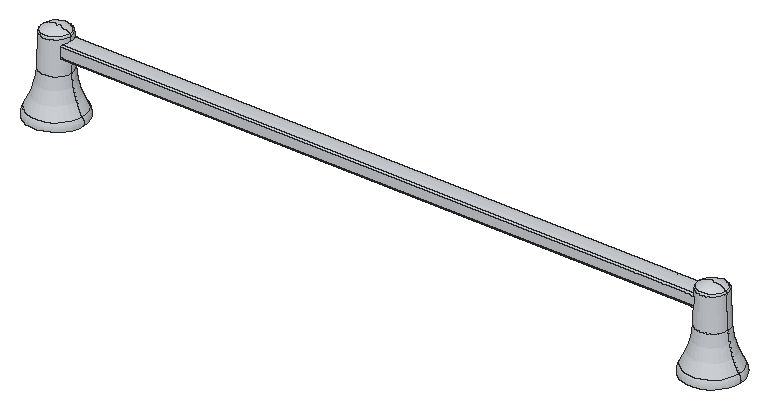
Revit family "Accessory-Towel_Bar-KOHLER-Tempered-K-21953_1", category Specialty Equipment, host Face, Revit 2022
Family settings
  Host = Face
  Round Connector Dimension = Use Diameter
  Part Type = Normal
  OmniClass Number = 23.31.25.25
  OmniClass Title = Towel Bars
  Cut with Voids When Loaded = No
  Maintain Annotation Orientation = No
  Shared = No
  Room Calculation Point = No
Parameters (values of type "CP-Polished Chrome")
  Width = 24 1/64"  # constant formula
  WaterSense Certified = 1 = 0  # no
  URL = "https://www.us.kohler.com/us/"
  Type = 4
  Product Page URL = "http://www.us.kohler.com/us/catalog/productDetails.jsp?productId=21953"
  Product Name = "Tempered"  # constant formula
  Product Documentation Link = "https://www.us.kohler.com/webassets/kpna/catalog/pdf/en/K-21953_spec_US-CA_Kohler_en.pdf"
  Model = if(Type = 1, "K-21953-2MB", if(Type = 2, "K-21953-BL", if(Type = 3, "K-21953-BN", if(Type = 4, "K-21953-CP", if(Type = 5, "K-21953-SN", "NA")))))  # "K-21953-CP"
  Material = "Premium Metal Construction"  # constant formula
  Master Format 2014 Name = "Toilet, Bath, and Laundry Accessories"  # constant formula
  Master Format 2014 = "10 28 00"  # constant formula
  Manufacturer Address = "444 Highland Dr, Kohler, WI 53044"  # constant formula
  Manufacturer = "Kohler Co."  # constant formula
  Length = 2 127/128"  # constant formula
  Height = 2 3/64"  # constant formula
  Finish = Kohler-Metal-CP-Polished_Chrome
  Environmental Product Declaration = ""
  Description = "24 Inch towel bar"  # constant formula
  Default Elevation = 42"
  Declare Label = ""
  Date Modified = "04/01/2022"  # constant formula
  Date Created = "04/01/2022"  # constant formula
  Copyright = "Copyright Kohler Co."  # constant formula
  Contact Us = "https://www.us.kohler.com/us/static/contact.jsp"
  Assembly Code = "C1030200"
  ADA Compliant = 1 = 0  # no
Types (6): name | Type | Model | Finish
  (no name) | 4 | "K-21953-CP" | Kohler-Metal-CP-Polished_Chrome
  CP-Polished Chrome | 4 | "K-21953-CP" | Kohler-Metal-CP-Polished_Chrome
  SN-Vibrant Polished Nickel | 5 | "K-21953-SN" | Kohler-Metal-SN-Vibrant_Polished_Nickel
  BN-Vibrant Brushed Nickel | 3 | "K-21953-BN" | Kohler-Metal-BN-Vibrant_Brushed_Nickel
  BL-Matte Black | 2 | "K-21953-BL" | Kohler-Metal-BL-Matte_Black
  2MB-Vibrant Brushed Moderne Brass | 1 | "K-21953-2MB" | Kohler-Metal-2MB-Vibrant_Brushed_Moderne_Brass
Reference planes (in)
  plane 1 "Center (Front/Back)": y = 0
  plane 2: z = 0
  plane 3 "Center (Left/Right)": x = 0
  plane 4: x = -12.00787
  plane 5: x = -13.0315
  plane 6: x = -10.98425
  plane 7: y = -1.02362
  plane 8: y = 1.02325
  plane 9: x = 12.00775
  plane 10: x = 13.0315
  plane 11: x = 10.98425
  plane 12: z = 2.99219
  plane 13: y = 0.34809
  plane 14: y = -0.34809
  plane 15: z = 2.59532
  plane 16: z = 2.04092
Dimensions and locks (in)
  "Width": plane 4 to plane 9
  "Height": plane 7 to plane 8
  plane 5 to plane 10 = 26.06299"
  "Length": plane 12 to level
  aligned and locked: plane 2 to host face
  aligned and locked: level to host face
Automatic sketch dimensions
  host sketch curve to host sketch curve = 96"  (x2)
Nested families (in)
  nested 1: "K-21953" at (0, 0, 0), type "K-21953"
Definition of nested family "K-21953"
  Parameters (values of type "K-21953")
    Material = none
    Default Elevation = 0"
  Reference planes (in)
    plane 1 "Center (Front/Back)": y = 0
    plane 2: z = 0
    plane 3 "Center (Left/Right)": x = 0
    plane 4: x = -13.0315
    plane 5: x = 13.0315
    plane 6: x = -10.98425
    plane 7: x = -12.00787
    plane 8: x = 12.00787
    plane 9: x = 10.98425
    plane 10: y = 1.02362
    plane 11: y = -1.02362
    plane 12: z = 2.99213
  Forms (in)
    Revolve 1, solid, material <- "Material", detail levels medium+fine
      sketch origin (0, 0, 0) x (1, 0, 0) y (0, 0, 1)
        loop
          line (-12.00787, 0) -> (-12.00787, 2.99213)
          arc (-12.00787, 2.99213) -> (-12.26719, 2.94853) -> (-12.49499, 2.81719) r 0.74154
          arc (-12.49499, 2.81719) -> (-12.51986, 2.78529) -> (-12.52979, 2.74608) r 0.09831
          arc (-12.52979, 2.74608) -> (-12.55218, 2.15842) -> (-12.57146, 1.57066) r 110.77966
          arc (-12.57146, 1.57066) -> (-12.6817, 0.89969) -> (-12.96412, 0.28115) r 2.569
          arc (-12.96412, 0.28115) -> (-13.02089, 0.14611) -> (-13.03139, 0) r 0.45104
          line (-13.03139, 0) -> (-12.00787, 0)
        axis (-12.00787, 2.99213) -> (-12.00787, 0)
      angle from 0 to 360
    Revolve 2, solid, material <- "Material", detail levels medium+fine
      sketch origin (0, 0, 0) x (-1, 0, 0) y (0, 0, -1)
        loop
          line (-12.00787, 0) -> (-13.03139, 0)
          arc (-13.03139, 0) -> (-13.02089, -0.14611) -> (-12.96412, -0.28115) r 0.45104
          arc (-12.96412, -0.28115) -> (-12.6817, -0.89969) -> (-12.57146, -1.57066) r 2.569
          arc (-12.57146, -1.57066) -> (-12.5522, -2.15791) -> (-12.52983, -2.74506) r 110.77966
          arc (-12.52983, -2.74506) -> (-12.51964, -2.78526) -> (-12.49409, -2.81794) r 0.10063
          arc (-12.49409, -2.81794) -> (-12.26664, -2.94873) -> (-12.00787, -2.99213) r 0.74154
          line (-12.00787, -2.99213) -> (-12.00787, 0)
        axis (-12.00787, -2.99213) -> (-12.00787, 0)
      angle from 0 to 360
    Extrusion 3, solid, material <- "Material", detail levels medium+fine
      sketch origin (0, 0, 0) x (0, 1, 0) y (0, 0, 1)
        loop
          arc (0.35395, 2.50337) -> (0.34095, 2.54034) -> (0.30768, 2.56103) r 0.05906
          arc (0.30768, 2.56103) -> (0.00403, 2.59532) -> (-0.30005, 2.56517) r 1.44868
          arc (-0.30005, 2.56517) -> (-0.33386, 2.54462) -> (-0.34711, 2.50734) r 0.05906
          line (-0.34711, 2.50734) -> (-0.34711, 2.17869)
          arc (-0.34711, 2.17869) -> (-0.33476, 2.13635) -> (-0.30158, 2.10729) r 0.07874
          arc (-0.30158, 2.10729) -> (0.00472, 2.04104) -> (0.30973, 2.11296) r 0.71074
          arc (0.30973, 2.11296) -> (0.34199, 2.14201) -> (0.35395, 2.18373) r 0.07874
          line (0.35395, 2.18373) -> (0.35395, 2.50337)
      from -11.71338 to 11.70789
    Revolve 4, solid, material <- "Material", detail levels coarse
      sketch origin (0, 0, 0) x (1, 0, 0) y (0, 0, 1)
        loop
          line (-12.00787, 0) -> (-12.00787, 2.99213) -> (-13.06264, 2.99213) -> (-13.06264, 0) -> (-12.00787, 0)
        axis (-12.00787, 2.99213) -> (-12.00787, 0)
      angle from 0 to 360
    Extrusion 5, solid, material <- "Material", detail levels coarse
      sketch origin (0, 0, 0) x (0, 1, 0) y (0, 0, 1)
        loop
          line (0, 2.59536) -> (-0.34735, 2.59536) -> (-0.34735, 2.04095) -> (0, 2.04095) -> (0.35913, 2.04095) -> (0.35913, 2.59536) -> (0, 2.59536)
      from -12.00787 to 12.00787
    Revolve 6, solid, material <- "Material", detail levels coarse
      sketch origin (0, 0, 0) x (-1, 0, 0) y (0, 0, -1)
        loop
          line (-12.00787, 0) -> (-13.06264, 0) -> (-13.06264, -2.99213) -> (-12.00787, -2.99213) -> (-12.00787, 0)
        axis (-12.00787, -2.99213) -> (-12.00787, 0)
      angle from 0 to 360
  Cuts and joins
    joined: Revolve 1, Revolve 2, Extrusion 3
    joined: Revolve 4, Extrusion 5, Revolve 6
  Lines and regions (in)
    Masking region 1
      outline origin (0, 0, 0) x (1, 0, 0) y (0, 1, 0)
        loop
          line (-11.04468, -0.34809) -> (11.04547, -0.34809)
          arc (11.04547, -0.34809) -> (13.03992, -0.01238) -> (11.0498, 0.34809) r 1.02657
          line (11.0498, 0.34809) -> (-11.05131, 0.34809)
          arc (-11.05131, 0.34809) -> (-13.03904, -0.01895) -> (-11.04468, -0.34809) r 1.026
    Masking region 2
      outline origin (0, 0, 0) x (1, 0, 0) y (0, 0, 1)
        loop
          arc (13.03215, 0) -> (13.01284, 0.12645) -> (12.96117, 0.24347) r 0.48532
          arc (12.96117, 0.24347) -> (12.6926, 0.83582) -> (12.57552, 1.4756) r 2.66473
          arc (12.57552, 1.4756) -> (12.54478, 2.12288) -> (12.52855, 2.77069) r 28.93509
          arc (12.52855, 2.77069) -> (12.52499, 2.78652) -> (12.51535, 2.79956) r 0.03937
          arc (12.51535, 2.79956) -> (12.00876, 2.99213) -> (11.50233, 2.79914) r 0.7618
          arc (11.50233, 2.79914) -> (11.49292, 2.78656) -> (11.48918, 2.7713) r 0.03937
          line (11.48918, 2.7713) -> (11.48225, 2.59619) -> (-11.48225, 2.59619) -> (-11.48918, 2.7713)
          arc (-11.48918, 2.7713) -> (-11.49292, 2.78656) -> (-11.50233, 2.79914) r 0.03937
          arc (-11.50233, 2.79914) -> (-12.00876, 2.99213) -> (-12.51535, 2.79956) r 0.7618
          arc (-12.51535, 2.79956) -> (-12.52499, 2.78652) -> (-12.52855, 2.77069) r 0.03937
          arc (-12.52855, 2.77069) -> (-12.54478, 2.12288) -> (-12.57552, 1.4756) r 28.93509
          arc (-12.57552, 1.4756) -> (-12.6926, 0.83582) -> (-12.96117, 0.24347) r 2.66473
          arc (-12.96117, 0.24347) -> (-13.01284, 0.12645) -> (-13.03215, 0) r 0.48532
          line (-13.03215, 0) -> (-10.98436, 0)
          arc (-10.98436, 0) -> (-10.99792, 0.14619) -> (-11.05458, 0.28163) r 0.48532
          arc (-11.05458, 0.28163) -> (-11.32315, 0.87398) -> (-11.44023, 1.51375) r 2.66473
          arc (-11.44023, 1.51375) -> (-11.45274, 1.77724) -> (-11.45934, 2.04094) r 11.77197
          line (-11.45934, 2.04094) -> (11.45934, 2.04094)
          arc (11.45934, 2.04094) -> (11.45274, 1.77724) -> (11.44023, 1.51375) r 11.77197
          arc (11.44023, 1.51375) -> (11.32315, 0.87398) -> (11.05458, 0.28163) r 2.66473
          arc (11.05458, 0.28163) -> (10.99792, 0.14619) -> (10.98436, 0) r 0.48532
          line (10.98436, 0) -> (13.03215, 0)
    Masking region 3
      outline origin (0, 0, 0) x (0, 1, 0) y (0, 0, 1)
        loop
          arc (1.02573, 0) -> (1.00514, 0.13805) -> (0.94246, 0.26276) r 0.44132
          arc (0.94246, 0.26276) -> (0.83941, 0.43234) -> (0.76409, 0.61592) r 1.26693
          arc (0.76409, 0.61592) -> (0.60334, 1.29532) -> (0.5509, 1.9915) r 4.44694
          arc (0.5509, 1.9915) -> (0.54402, 2.37721) -> (0.52078, 2.76227) r 9.08858
          arc (0.52078, 2.76227) -> (0.51209, 2.79233) -> (0.49238, 2.81663) r 0.07874
          arc (0.49238, 2.81663) -> (-0.00189, 2.99213) -> (-0.4937, 2.80985) r 0.76891
          arc (-0.4937, 2.80985) -> (-0.51285, 2.78574) -> (-0.52128, 2.75613) r 0.07874
          arc (-0.52128, 2.75613) -> (-0.54414, 2.37413) -> (-0.5509, 1.9915) r 9.08858
          arc (-0.5509, 1.9915) -> (-0.60334, 1.29532) -> (-0.76409, 0.61592) r 4.44694
          arc (-0.76409, 0.61592) -> (-0.83941, 0.43234) -> (-0.94246, 0.26276) r 1.26693
          arc (-0.94246, 0.26276) -> (-1.00514, 0.13805) -> (-1.02573, 0) r 0.44132
          line (-1.02573, 0) -> (1.02573, 0)
    symbolic lines, detail levels medium+fine
      curve 1: circle (-12.00787, 0, 0) r 0.53106 normal (0, 0, 1)
      curve 2: line (12.93831, 0, 0.28163) -> (11.05458, 0, 0.28163)
      curve 3: line (-11.05458, 0, 0.28163) -> (-12.93998, 0, 0.28163)
      curve 4: line (0, 0.91497, 0.30248) -> (0, -0.91497, 0.30248)
      curve 5: line (-11.05131, 0.34809, 0) -> (-11.6068, 0.34809, 0)
      curve 6: line (-11.04436, -0.34809, 0) -> (-11.6068, -0.34809, 0)
      curve 7: arc (-11.11488, 0.34809, 0) -> (-12.97513, 0, 0) -> (-11.11488, -0.34809, 0) r 0.96269
      curve 8: circle (12.00787, 0, 0) r 0.53106 normal (0, 0, -1)
      curve 9: line (11.11488, 0.34809, 0) -> (11.6068, 0.34809, 0)
      curve 10: line (11.04436, -0.34809, 0) -> (11.6068, -0.34809, 0)
      curve 11: arc (11.11488, 0.34809, 0) -> (12.97513, 0, 0) -> (11.11488, -0.34809, 0) r 0.96269
      curve 12: spline (-11.58151, 0, 2.55967) -> (-11.56395, 0, 2.56522) -> (-11.54791, 0, 2.57036) -> (-11.53346, 0, 2.57507) -> (-11.52064, 0, 2.57933) -> (-11.50951, 0, 2.58313) -> (-11.50011, 0, 2.58645) -> (-11.49246, 0, 2.58928) -> (-11.48661, 0, 2.59161) -> (-11.48257, 0, 2.59343) -> (-11.48035, 0, 2.59474) -> (-11.47996, 0, 2.59552) -> (-11.48141, 0, 2.59579)
      curve 13: spline (-11.45934, 0, 2.04092) -> (-11.46054, 0, 2.04174) -> (-11.46319, 0, 2.04363) -> (-11.46728, 0, 2.04656) -> (-11.47278, 0, 2.05054) -> (-11.47968, 0, 2.05555) -> (-11.48795, 0, 2.06156) -> (-11.49756, 0, 2.06857) -> (-11.50848, 0, 2.07653) -> (-11.52066, 0, 2.08542) -> (-11.53405, 0, 2.09521) -> (-11.54861, 0, 2.10585) -> (-11.56429, 0, 2.11732)
      curve 14: spline (-11.61172, 0, 2.50361) -> (-11.61125, 0, 2.5103) -> (-11.61035, 0, 2.51685) -> (-11.60902, 0, 2.52317) -> (-11.60726, 0, 2.5292) -> (-11.60511, 0, 2.53487) -> (-11.60259, 0, 2.54011) -> (-11.59973, 0, 2.54487) -> (-11.59655, 0, 2.54908) -> (-11.5931, 0, 2.55271) -> (-11.58942, 0, 2.5557) -> (-11.58554, 0, 2.55803) -> (-11.58151, 0, 2.55967)
      curve 15: spline (-11.56429, 0, 2.11732) -> (-11.56797, 0, 2.12053) -> (-11.57153, 0, 2.12424) -> (-11.57494, 0, 2.12843) -> (-11.57817, 0, 2.13306) -> (-11.58121, 0, 2.13809) -> (-11.58403, 0, 2.14351) -> (-11.58662, 0, 2.14927) -> (-11.58895, 0, 2.15532) -> (-11.59101, 0, 2.16164) -> (-11.59279, 0, 2.16817) -> (-11.59428, 0, 2.17487) -> (-11.59545, 0, 2.1817)
      curve 16: arc (-11.59545, 0, 2.1817) -> (-11.6032, 0, 2.34255) -> (-11.61132, 0, 2.50337) r 68.60611
      curve 17: spline (11.58151, 0, 2.55967) -> (11.56581, 0, 2.56463) -> (11.55132, 0, 2.56926) -> (11.53807, 0, 2.57356) -> (11.5261, 0, 2.5775) -> (11.51545, 0, 2.58109) -> (11.50615, 0, 2.5843) -> (11.49822, 0, 2.58713) -> (11.49169, 0, 2.58958) -> (11.48658, 0, 2.59162) -> (11.4829, 0, 2.59327) -> (11.48067, 0, 2.5945) -> (11.47988, 0, 2.59532)
      curve 18: spline (11.45934, 0, 2.04092) -> (11.46055, 0, 2.04175) -> (11.4632, 0, 2.04363) -> (11.46728, 0, 2.04657) -> (11.47278, 0, 2.05055) -> (11.47968, 0, 2.05555) -> (11.48796, 0, 2.06157) -> (11.49757, 0, 2.06857) -> (11.50848, 0, 2.07653) -> (11.52066, 0, 2.08542) -> (11.53406, 0, 2.09521) -> (11.54862, 0, 2.10585) -> (11.56429, 0, 2.11732)
      curve 19: spline (11.61172, 0, 2.50361) -> (11.61125, 0, 2.5103) -> (11.61035, 0, 2.51685) -> (11.60902, 0, 2.52317) -> (11.60726, 0, 2.5292) -> (11.60511, 0, 2.53487) -> (11.60259, 0, 2.54011) -> (11.59973, 0, 2.54487) -> (11.59655, 0, 2.54908) -> (11.5931, 0, 2.55271) -> (11.58942, 0, 2.5557) -> (11.58554, 0, 2.55803) -> (11.58151, 0, 2.55967)
      curve 20: spline (11.56429, 0, 2.11732) -> (11.56797, 0, 2.12053) -> (11.57153, 0, 2.12424) -> (11.57494, 0, 2.12843) -> (11.57817, 0, 2.13306) -> (11.58121, 0, 2.13809) -> (11.58403, 0, 2.14351) -> (11.58662, 0, 2.14927) -> (11.58895, 0, 2.15532) -> (11.59101, 0, 2.16164) -> (11.59279, 0, 2.16817) -> (11.59428, 0, 2.17487) -> (11.59545, 0, 2.1817)
      curve 21: arc (11.59545, 0, 2.1817) -> (11.6032, 0, 2.34255) -> (11.61132, 0, 2.50337) r 68.60611
  Dimensions and locks (in)
    aligned and locked: level to plane 2
